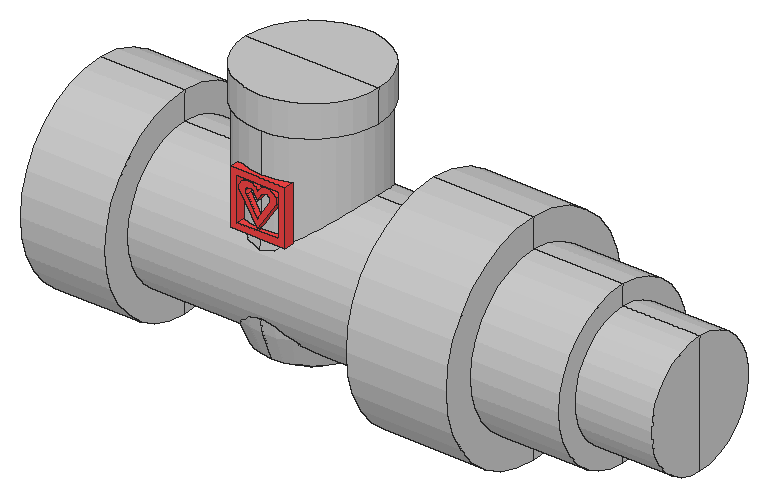
Revit family "RL-1 Return Valve Straight Model 3723", category Rohrzubehör, Revit 2019
Family settings
  Bemaßung runder Anschluss = Durchmesser verwenden
  Teiletyp = Unterbricht
  OmniClass-Nummer = 23.65.55.14
  OmniClass-Titel = Valves for Liquid Services
  Arbeitsebenenbasiert = Nein
  Immer vertikal = Nein
  Beim Laden mit Abzugskörper schneiden = Nein
  Gemeinsam genutzt = Nein
Parameters
  W01 = 60.00°  # constant formula
  URL = "www.herzvalves.com"
  SCRNSEQ = "ARM;ARM_TYP=\"ALLF\";2"
  SCRNCODE = "05;01;02"  # constant formula
  S04 = 45.000 mm  # constant formula
  S03 = 61.000 mm  # constant formula
  S02 [instance] = L05 + L06 + L07  # 63.900 mm
  S01 = 10.000 mm  # constant formula
  R06 = 11.000 mm  # constant formula
  R05 = 25.000 mm  # constant formula
  R04 = 2.000 mm  # constant formula
  R03 = 28.000 mm  # constant formula
  R02 = 11.500 mm  # constant formula
  R01 = 10.500 mm  # constant formula
  Part number [instance] = size_lookup("3723_1_", "Artnr", 0, Nennweite)  # 1372342
  Nennweite [instance] = 20.000 mm
  Model = "All models are nickel-plated and are universal models with special socket for threaded pipe and compression union."
  Medium = "Hot water purity according to Austrian standard ÖNORM H 5195 and/or VDI guideline 2035."
  Max. operating temperature = 110 °C  # constant formula
  Max. operating pressure = 1000000.0 Pa  # constant formula
  LO1 = 7.000 mm  # constant formula
  L07 [instance] = size_lookup("3723_1_", "L7", 1.000 mm, Nennweite)  # 27.400 mm
  L06 [instance] = size_lookup("3723_1_", "L6", 1.000 mm, Nennweite)  # 16.500 mm
  L05 [instance] = L02 - L04  # 20.000 mm
  L04 [instance] = size_lookup("3723_1_", "L4", 1.000 mm, Nennweite)  # 10.000 mm
  L03 [instance] = size_lookup("3723_1_", "L3", 1.000 mm, Nennweite)  # 14.000 mm
  L02 [instance] = size_lookup("3723_1_", "L2", 1.000 mm, Nennweite)  # 30.000 mm
  L01 [instance] = size_lookup("3723_1_", "L1", 1.000 mm, Nennweite)  # 35.000 mm
  Hersteller = "HERZ Armaturen Ges.m.b.H."  # constant formula
  H05 = 5.200 mm  # constant formula
  H04 = 3.500 mm  # constant formula
  H03 = 28.000 mm  # constant formula
  H02 [instance] = 25.500 mm  # constant formula
  H01 = 17.000 mm  # constant formula
  Body = "nickel-plated"  # constant formula
  GTI [instance] = size_lookup("3723_1_", "GT1", 1.000 mm, Nennweite)  # 12.700 mm
  GT [instance] = size_lookup("3723_1_", "GT", 1.000 mm, Nennweite)  # 9.500 mm
  G2 [instance] = Nennweite / 2  # 10.000 mm
  G1 [instance] = Nennweite / 2  # 10.000 mm
  D05 [instance] = size_lookup("3723_1_", "D5", 1.000 mm, Nennweite)  # 13.220 mm
  D04 [instance] = size_lookup("3723_1_", "D4", 1.000 mm, Nennweite)  # 18.000 mm
  D03 [instance] = size_lookup("3723_1_", "D3", 1.000 mm, Nennweite)  # 13.000 mm
  D02 [instance] = size_lookup("3723_1_", "D2", 1.000 mm, Nennweite)  # 12.000 mm
  D01 [instance] = size_lookup("3723_1_", "D1", 1.000 mm, Nennweite)  # 16.500 mm
  Application = "Hot Water Heating Systems\r\nAfter installation of the return valve it is possible to close the radiator return connection.\r\nWhen the intake valve is closed simultaneously (0-position for thermostatic valves) it is possible to remove the radiator while the heating system remains under pressure.\r\nThus, it is possible to perform servicing operations and to work behind the radiator (wall-papering, laying tiles) without having to switch off the rest of the system.\r\nIf presetting of the return valve or filling and draining of the radiators or of the entire system through the return valve is required, we recommend using the HERZ-RL-5 return valve."
Reference planes
  plane 1 "Mitte (Vorne/hinten)": y = 0
  plane 2: z = 0
  plane 3 "Mitte (Links/rechts)": x = 0
Forms (mm)
  Revolve 1, solid, material "Messing, weicher Gelbton, geschweißt", detail levels fine
    sketch origin (0, 0, 0) x (1, 0, 0) y (0, 0, 1)
      loop
        line (-25.5, 0) -> (30, 0) -> (30, 13) -> (20, 13) -> (20, 12) -> (-21, 12) -> (-21, 16.5) -> (-35, 16.5) -> (-35, 10) -> (-25.5, 10) -> (-25.5, 0)
      axis (-35, 0) -> (30, 0)
    angle from 0 to 360
  Revolve 2, solid, material "Messing, weicher Gelbton, geschweißt", detail levels fine
    sketch origin (0, 0, 0) x (0, 1, 0) y (0, 0, 1)
      loop
        line (0, 25.5) -> (-10.5, 25.5) -> (-10.5, 7)
        arc (-10.5, 7) -> (-11.341, -2.816) -> (-8.325, -12.194) r 25
        line (-8.325, -12.194) -> (0, -17) -> (0, 25.5)
      axis (0, -17) -> (0, 25.5)
    angle from 0 to 360
  Revolve 3, solid, material "Messing, weicher Gelbton, geschweißt", detail levels fine
    sketch origin (0, 0, 0) x (1, 0, 0) y (0, 0, 1)
      loop
        line (30, 0) -> (63.9, 0) -> (63.9, 10) -> (51.2, 10) -> (51.2, 13.22) -> (36.5, 13.22) -> (36.5, 18) -> (20, 18) -> (20, 13) -> (30, 13) -> (30, 0)
      axis (20, 0) -> (63.9, 0)
    angle from 0 to 360
  Revolve 4, solid, material "Messing, weicher Gelbton, geschweißt", detail levels fine
    sketch origin (0, 0, 0) x (1, 0, 0) y (0, 0, 1)
      loop
        line (0, 22.8) -> (11, 22.8) -> (11, 28) -> (0, 28) -> (0, 22.8)
      axis (0, 28) -> (0, 22.8)
    angle from 0 to 360
Lines and regions (mm)
  model lines, detail levels coarse+medium
    curve 1: line (-35, 0, 16.5) -> (-35, 0, -16.5)
    curve 2: line (-35, 0, -16.5) -> (35, 0, 16.5)
    curve 3: line (35, 0, 16.5) -> (35, 0, -16.5)
    curve 4: line (35, 0, -16.5) -> (-35, 0, 16.5)
    curve 5: line (35, 0, 16.5) -> (45, 0, 16.5)
    curve 6: line (45, 0, 16.5) -> (35, 0, 0)
    curve 7: line (35, 0, -16.5) -> (45, 0, -16.5)
    curve 8: line (45, 0, -16.5) -> (35, 0, 0)
    curve 9: line (35, 0, 0) -> (63.9, 0, 0)
    curve 10: line (-35, 16.5, 0) -> (-35, -16.5, 0)
    curve 11: line (-35, -16.5, 0) -> (35, 16.5, 0)
    curve 12: line (35, 16.5, 0) -> (35, -16.5, 0)
    curve 13: line (35, -16.5, 0) -> (-35, 16.5, 0)
    curve 14: line (35, 16.5, 0) -> (45, 16.5, 0)
    curve 15: line (45, 16.5, 0) -> (35, 0, 0)
    curve 16: line (35, -16.5, 0) -> (45, -16.5, 0)
    curve 17: line (45, -16.5, 0) -> (35, 0, 0)
Dimensions and locks
  "L01": Revolve 1 sketch curve to plane 3 "Mitte (Links/rechts)"
  "L02": Revolve 1 sketch curve to plane 3 "Mitte (Links/rechts)"
  "G1": Revolve 1 sketch curve to plane 2
  "GT": Revolve 1 sketch curve to Revolve 1 sketch curve
  "D01": Revolve 1 sketch curve to Revolve 1 sketch curve
  "D02": Revolve 1 sketch curve to Revolve 1 sketch curve
  "D03": Revolve 1 sketch curve to Revolve 1 sketch curve
  "L03": Revolve 1 sketch curve to Revolve 1 sketch curve
  "L04": Revolve 1 sketch curve to Revolve 1 sketch curve
  "H01": plane 2 to Revolve 2 sketch curve
  "H02": Revolve 2 sketch curve to plane 2
  "R01": Revolve 2 sketch curve to plane 1 "Mitte (Vorne/hinten)"
  "R02": Revolve 2 sketch curve to plane 1 "Mitte (Vorne/hinten)"
  "D03": Revolve 3 sketch curve to plane 2
  "L04": Revolve 3 sketch curve to Revolve 3 sketch curve
  "L05": Revolve 3 sketch curve to plane 3 "Mitte (Links/rechts)"
  "L06": Revolve 3 sketch curve to Revolve 3 sketch curve
  "L07": Revolve 3 sketch curve to Revolve 3 sketch curve
  "D04": Revolve 3 sketch curve to Revolve 3 sketch curve
  "G2": Revolve 3 sketch curve to Revolve 3 sketch curve
  "D05": Revolve 3 sketch curve to Revolve 3 sketch curve
  "GTI": Revolve 3 sketch curve to Revolve 3 sketch curve
  "LO1": nested 1 to plane 2
  "D01": curve 4 to plane 2 to curve 2
  "D01": curve 3 to plane 2 to curve 4
  "L01": curve 1 to plane 3 "Mitte (Links/rechts)" to curve 3
  "S01": curve 3 to curve 6
  "S02": curve 9 to plane 3 "Mitte (Links/rechts)"
  "L01": curve 10 to plane 3 "Mitte (Links/rechts)" to curve 12
  "D01": curve 11 to plane 1 "Mitte (Vorne/hinten)" to curve 13
  "D01": curve 13 to plane 1 "Mitte (Vorne/hinten)" to curve 12
  "S01": curve 12 to curve 15
  "S01": curve 12 to curve 17
  "H03": Revolve 4 sketch curve to plane 2
  "H05": Revolve 4 sketch curve to Revolve 4 sketch curve
  "R06": Revolve 4 sketch curve to Revolve 4 sketch curve
  "R05": radius of Revolve 2 sketch curve
  "W01": angle Revolve 2 sketch curve to Revolve 2 sketch curve
  aligned and locked: level to plane 2
Automatic sketch dimensions
  curve 9 to level = 0.000 mm
  curve 3 to curve 8 = 10.000 mm
  plane 1 "Mitte (Vorne/hinten)" to curve 17 = 0.000 mm
  Revolve 1 sketch curve to level = 0.000 mm  (x2)
  Revolve 1 sketch curve to Revolve 1 sketch curve = 1436.530 mm
  Revolve 1 sketch curve to Revolve 1 sketch curve = 1779.148 mm
  Revolve 2 sketch curve to plane 1 "Mitte (Vorne/hinten)" = 0.000 mm  (x2)
  Revolve 2 sketch curve to level = 0.000 mm
  Revolve 2 sketch curve to Revolve 2 sketch curve = 98.333 mm
  Revolve 2 sketch curve to Revolve 2 sketch curve = 1236.335 mm
  Revolve 3 sketch curve to level = 0.000 mm  (x2)
  Revolve 3 sketch curve to plane 3 "Mitte (Links/rechts)" = 1506.530 mm
  Revolve 3 sketch curve to Revolve 3 sketch curve = 1789.648 mm
  Revolve 4 sketch curve to plane 3 "Mitte (Links/rechts)" = 0.000 mm  (x2)
  Revolve 4 sketch curve to level = 366.045 mm
  Revolve 4 sketch curve to Revolve 4 sketch curve = 2188.615 mm
Nested families
  nested 1: "Herz-Logo-vorne" at (0, -10.5, 11.5) x (0, 1, 0) z (0, 0, 1), type "Herz-Logo-vorne", detail levels fine
Connectors
  piping at (-25.5, 0, 0), diameter 20, driven by "Nennweite"
    settings: on Revolve 1, index 1, connector inside diameter 609.6 mm, connector length 0.000 mm, flow factor 0, pipe flow 0.0 L/s, pressure drop 0.0 Pa, fitting loss kfactor 0, connector angle 0.00°, fixture units 0, engagement length 0.000 mm, angle of deflection 0.00°, flow configuration 0, flow direction 1, fitting loss method 0, system type 8, joint type 0, gender type 0, connector reference index -1, connector utility 0, adjustable connector no, is connector primary yes, connector description ""
  piping at (63.9, 0, 0), diameter 20, driven by "Nennweite"
    settings: on Revolve 3, index 2, connector inside diameter 609.6 mm, connector length 0.000 mm, flow factor 0, pipe flow 0.0 L/s, pressure drop 0.0 Pa, fitting loss kfactor 0, connector angle 0.00°, fixture units 0, engagement length 0.000 mm, angle of deflection 0.00°, flow configuration 0, flow direction 2, fitting loss method 0, system type 8, joint type 0, gender type 0, connector reference index -1, connector utility 0, adjustable connector no, is connector primary no, connector description ""
Definition of nested family "Herz-Logo-vorne"
  Reference planes
    plane 1 "Mitte (Vorne/hinten)": y = 0
    plane 2: z = 0
    plane 3 "Mitte (Links/rechts)": x = 0
  Forms (mm)
    Extrusion 1, solid
      sketch origin (0.732, -0.018, 0.017) x (0, -1, 0) y (0, 0, 1)
        loop
          line (-0.018, -4.517) -> (4.482, -4.517) -> (4.482, 4.483) -> (-4.518, 4.483) -> (-4.518, -4.517) -> (-0.018, -4.517)
        loop
          line (-0.05, -3.48) -> (3.482, -3.48) -> (3.482, 3.483) -> (-3.518, 3.483) -> (-3.518, -3.48) -> (-0.05, -3.48)
        loop
          arc (-0.018, 2.383) -> (-1.543, 3.287) -> (-3.067, 2.383) r 1.738
          arc (-3.067, 2.383) -> (-3.191, 1.899) -> (-3.067, 1.415) r 1.009
          line (-3.067, 1.415) -> (-0.018, -3.281) -> (3.032, 1.415)
          arc (3.032, 1.415) -> (3.156, 1.899) -> (3.032, 2.383) r 1.009
          arc (3.032, 2.383) -> (1.507, 3.287) -> (-0.018, 2.383) r 1.738
        loop
          arc (1.885, 1.272) -> (2.005, 1.675) -> (1.885, 2.079) r 0.74
          arc (1.885, 2.079) -> (1.265, 2.416) -> (0.644, 2.079) r 0.74
          line (0.644, 2.079) -> (-0.018, 0.97) -> (-0.679, 2.079)
          arc (-0.679, 2.079) -> (-1.3, 2.416) -> (-1.921, 2.079) r 0.74
          arc (-1.921, 2.079) -> (-2.04, 1.675) -> (-1.921, 1.272) r 0.74
          line (-1.921, 1.272) -> (-0.018, -1.658) -> (1.885, 1.272)
      from 0 to 1.5
  Dimensions and locks
    aligned and locked: level to plane 2
